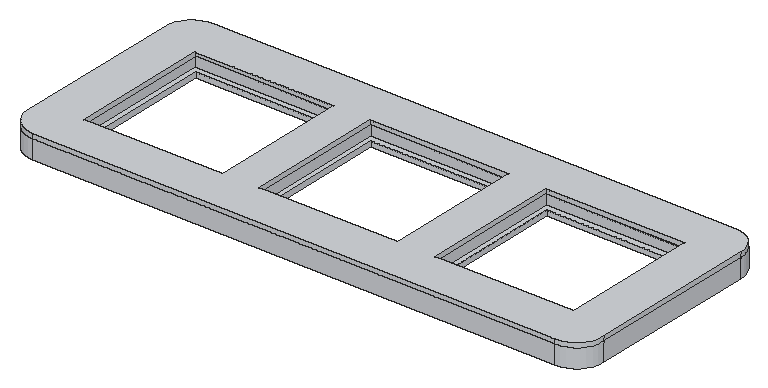
Revit family "Gira_0213416", category Electrical Fixtures, host Face, Revit 2017
Family settings
  Host = Face
  Maintain Annotation Orientation = No
  Round Connector Dimension = Use Diameter
  Part Type = Normal
  Cut with Voids When Loaded = No
  Shared = No
  Room Calculation Point = No
Parameters (values of type "Abdeckrahmen 3f Gira E3 Umbra/Reinweiß")
  Werkstoffgüte = "sonstige"
  Werkstoff = "sonstige"
  URL = "http://katalog.gira.de/de_DE/datenblatt.html?artikelnr=0213416"
  Transparent = "No"
  Textfeld/Beschriftungsfläche = "No"
  Schutzart (IP) = "IP20"
  Region = "DE"
  Oberfläche = "sonstige"
  Name = "Abdeckrahmen 3f Gira E3 Umbra/Reinweiß"
  Montagerichtung = "horizontal und vertikal"
  Mit Montagerahmen = "No"
  Mit Klappdeckel = "No"
  Manufacturer URL = "https://www.gira.de/"
  Keynote = "E3_Rahmen_3fach"
  HeinzeBIM = "https://bimportal.heinze.de/bim/abdeckrahmen-3f-gira-e3-umbra-reinweiss/413b09069bede60bca5a9cee1ecf51cfeab75765"
  Halogenfrei = "No"
  HAN = "0213416"
  Geeignet für Unterputz-Installation = "Yes"
  Geeignet für Unterflurkanaldose = "No"
  Geeignet für Geräteeinbaukanal = "No"
  Geeignet für Einbauinstallation = "No"
  GTIN = "4010337024415"
  Farbe = "sonstige"
  Default Elevation = 1219.2 mm
  Data sheet (1) = "https://katalog.gira.de/de_DE/download.html?artikelnr=0213416"
  Category = "Abdeckrahmen"
  Befestigungsart = "Klemmbefestigung"
  Available = "Yes"
  Anzahl der Einheiten vertikal = "3 "
  Anzahl der Einheiten horizontal = "3 "
  Anzahl der Einheiten = "3 "
Reference planes
  plane 1 "Center (Front/Back)": y = 0
  plane 2: z = 0
  plane 3 "Center (Left/Right)": x = 0
Forms (mm)
  Extrusion 1, solid, detail levels fine
    sketch origin (0, 0, 0) x (1, 0, 0) y (0, 1, 0)
      loop
        arc (-106.1, 45.809) -> (-113.884, 42.585) -> (-117.109, 34.8) r 11.009
        line (-117.109, 34.8) -> (-117.109, -34.8)
        arc (-117.109, -34.8) -> (-113.884, -42.585) -> (-106.1, -45.809) r 11.009
        line (-106.1, -45.809) -> (106.1, -45.809)
        arc (106.1, -45.809) -> (113.884, -42.585) -> (117.109, -34.8) r 11.009
        line (117.109, -34.8) -> (117.109, 34.8)
        arc (117.109, 34.8) -> (113.884, 42.585) -> (106.1, 45.809) r 11.009
        line (106.1, 45.809) -> (-106.1, 45.809)
      loop
        line (-43.2, 28.187) -> (-99.456, 28.187) -> (-99.456, -28.187) -> (-43.2, -28.187) -> (-43.2, 28.187)
      loop
        line (-28.3, 28.187) -> (-28.3, -28.187) -> (27.956, -28.187) -> (27.956, 28.187) -> (-28.3, 28.187)
      loop
        line (43.2, 28.187) -> (43.2, -28.187) -> (99.456, -28.187) -> (99.456, 28.187) -> (43.2, 28.187)
    from 7.65 to 9.5
  Extrusion 2, solid, detail levels fine
    sketch origin (-71.5, 0, 0) x (1, 0, 0) y (0, 1, 0)
      loop
        line (26.1, 25.7) -> (-25.7, 25.7) -> (-25.7, -25.7) -> (26.1, -25.7) -> (26.1, 25.7)
      loop
        line (-28.187, -28.156) -> (28.187, -28.156) -> (28.187, 28.156) -> (-28.187, 28.156) -> (-28.187, -28.156)
    from 1.65 to 3.9
  Extrusion 3, solid, detail levels fine
    sketch origin (0, 0, 0) x (1, 0, 0) y (0, 1, 0)
      loop
        arc (-106.1, 45.809) -> (-113.884, 42.585) -> (-117.109, 34.8) r 11.009
        line (-117.109, 34.8) -> (-117.109, -34.8)
        arc (-117.109, -34.8) -> (-113.884, -42.585) -> (-106.1, -45.809) r 11.009
        line (-106.1, -45.809) -> (106.1, -45.809)
        arc (106.1, -45.809) -> (113.884, -42.585) -> (117.109, -34.8) r 11.009
        line (117.109, -34.8) -> (117.109, 34.8)
        arc (117.109, 34.8) -> (113.884, 42.585) -> (106.1, 45.809) r 11.009
        line (106.1, 45.809) -> (-106.1, 45.809)
      loop
        line (-115.143, 34.785) -> (-115.143, -34.785)
        arc (-115.143, -34.785) -> (-112.49, -41.19) -> (-106.084, -43.843) r 9.058
        line (-106.084, -43.843) -> (106.084, -43.843)
        arc (106.084, -43.843) -> (112.49, -41.19) -> (115.143, -34.785) r 9.058
        line (115.143, -34.785) -> (115.143, 34.785)
        arc (115.143, 34.785) -> (112.49, 41.19) -> (106.084, 43.843) r 9.058
        line (106.084, 43.843) -> (-106.084, 43.843)
        arc (-106.084, 43.843) -> (-112.49, 41.19) -> (-115.143, 34.785) r 9.058
    from 0 to 7.65
  Extrusion 4, solid, detail levels fine
    sketch origin (-35.75, 0, 0) x (1, 0, 0) y (0, 1, 0)
      loop
        line (-62.956, -31.075) -> (62.956, -31.075)
        arc (62.956, -31.075) -> (65.599, -29.98) -> (66.694, -27.337) r 3.739
        line (66.694, -27.337) -> (66.694, 27.337)
        arc (66.694, 27.337) -> (65.599, 29.98) -> (62.956, 31.075) r 3.739
        line (62.956, 31.075) -> (-62.956, 31.075)
        arc (-62.956, 31.075) -> (-65.599, 29.98) -> (-66.694, 27.337) r 3.739
        line (-66.694, 27.337) -> (-66.694, -27.337)
        arc (-66.694, -27.337) -> (-65.599, -29.98) -> (-62.956, -31.075) r 3.739
      loop
        line (-65.544, 27.537) -> (-65.544, -27.537)
        arc (-65.544, -27.537) -> (-64.845, -29.226) -> (-63.156, -29.925) r 2.389
        line (-63.156, -29.925) -> (63.156, -29.925)
        arc (63.156, -29.925) -> (64.845, -29.226) -> (65.544, -27.537) r 2.389
        line (65.544, -27.537) -> (65.544, 27.537)
        arc (65.544, 27.537) -> (64.845, 29.226) -> (63.156, 29.925) r 2.389
        line (63.156, 29.925) -> (-63.156, 29.925)
        arc (-63.156, 29.925) -> (-64.845, 29.226) -> (-65.544, 27.537) r 2.389
    from 1.65 to 7.65
  Extrusion 5, solid, detail levels fine
    sketch origin (0, 0, 0) x (1, 0, 0) y (0, 1, 0)
      loop
        line (-103.367, -39.8) -> (103.368, -39.8)
        arc (103.368, -39.8) -> (108.982, -36.708) -> (111.215, -30.7) r 9.2
        line (111.215, -30.7) -> (111.215, 30.7)
        arc (111.215, 30.7) -> (108.52, 37.205) -> (102.015, 39.9) r 9.2
        line (102.015, 39.9) -> (-102.014, 39.9)
        arc (-102.014, 39.9) -> (-108.52, 37.205) -> (-111.214, 30.7) r 9.2
        line (-111.214, 30.7) -> (-111.214, -30.7)
        arc (-111.214, -30.7) -> (-108.982, -36.708) -> (-103.367, -39.8) r 9.2
      loop
        line (-102.014, -31.7) -> (102.015, -31.7)
        arc (102.015, -31.7) -> (102.722, -31.407) -> (103.015, -30.7) r 1
        line (103.015, -30.7) -> (103.015, 30.7)
        arc (103.015, 30.7) -> (102.722, 31.407) -> (102.015, 31.7) r 1
        line (102.015, 31.7) -> (-102.014, 31.7)
        arc (-102.014, 31.7) -> (-102.721, 31.407) -> (-103.014, 30.7) r 1
        line (-103.014, 30.7) -> (-103.014, -30.7)
        arc (-103.014, -30.7) -> (-102.721, -31.407) -> (-102.014, -31.7) r 1
    from 1.65 to 3.9
  Extrusion 6, solid, detail levels fine
    sketch origin (-71.5, 0, 0) x (1, 0, 0) y (0, 1, 0)
      loop
        line (-28.187, 28.156) -> (-28.187, -28.156) -> (28.187, -28.156) -> (28.187, 28.156) -> (-28.187, 28.156)
      loop
        line (-29.925, 29.925) -> (-29.925, -29.925) -> (29.925, -29.925) -> (29.925, 29.925) -> (-29.925, 29.925)
    from 1.65 to 7.65
  Extrusion 7, solid, detail levels coarse+medium
    sketch origin (0, 0, 0) x (1, 0, 0) y (0, 1, 0)
      loop
        line (-117.109, 45.809) -> (-117.109, -45.809) -> (117.109, -45.809) -> (117.109, 45.809) -> (-117.109, 45.809)
    from 0 to 9.5
  Extrusion 8, solid, detail levels fine
    sketch origin (0, 0, 0) x (-1, 0, 0) y (0, -1, 0)
      loop
        line (25.9, -25.7) -> (25.9, 25.7) -> (-25.9, 25.7) -> (-25.9, -25.7) -> (25.9, -25.7)
      loop
        line (-28.187, 28.156) -> (-28.187, -28.156) -> (28.187, -28.156) -> (28.187, 28.156) -> (-28.187, 28.156)
    from 1.65 to 3.9
  Extrusion 9, solid, detail levels fine
    sketch origin (0, 0, 0) x (-1, 0, 0) y (0, -1, 0)
      loop
        line (-28.187, -28.156) -> (28.187, -28.156) -> (28.187, 28.156) -> (-28.187, 28.156) -> (-28.187, -28.156)
      loop
        line (-29.925, -29.925) -> (29.925, -29.925) -> (29.925, 29.925) -> (-29.925, 29.925) -> (-29.925, -29.925)
    from 1.65 to 7.65
  Extrusion 10, solid, detail levels fine
    sketch origin (71.5, 0, 0) x (-1, 0, 0) y (0, -1, 0)
      loop
        line (26.1, -25.7) -> (26.1, 25.7) -> (-25.7, 25.7) -> (-25.7, -25.7) -> (26.1, -25.7)
      loop
        line (-28.187, 28.156) -> (-28.187, -28.156) -> (28.187, -28.156) -> (28.187, 28.156) -> (-28.187, 28.156)
    from 1.65 to 3.9
  Extrusion 11, solid, detail levels fine
    sketch origin (71.5, 0, 0) x (-1, 0, 0) y (0, -1, 0)
      loop
        line (-28.187, -28.156) -> (28.187, -28.156) -> (28.187, 28.156) -> (-28.187, 28.156) -> (-28.187, -28.156)
      loop
        line (-29.925, -29.925) -> (29.925, -29.925) -> (29.925, 29.925) -> (-29.925, 29.925) -> (-29.925, -29.925)
    from 1.65 to 7.65
Dimensions and locks
  aligned and locked: plane 2 to host face
  aligned and locked: level to host face
